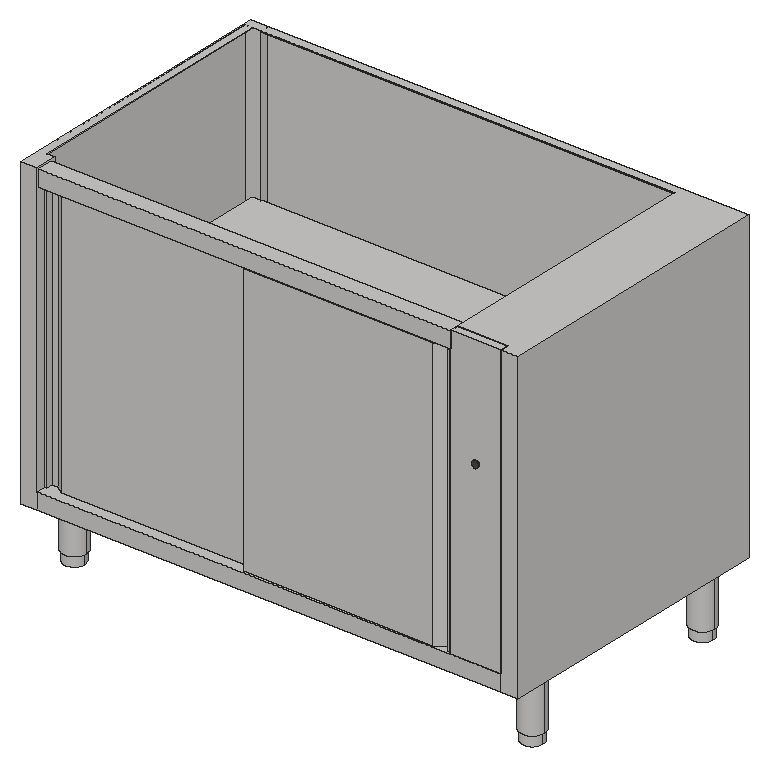
Revit family "QF_ELECTROLUXPROFESSIONAL_133189_RHC1200SD", category Specialty Equipment, Revit 2018
Family settings
  Round Connector Dimension = Use Diameter
  Part Type = Normal
  Work Plane-Based = No
  Always vertical = Yes
  Cut with Voids When Loaded = No
  Shared = No
  Room Calculation Point = No
Parameters
  Weight = 0.00 kg
  Watts = 0 W
  Volts = 220 V
  URL Manufacturer = "http://professional.electrolux.com/"
  URL = "http://professional.electrolux.com/"
  Steam Supply Size = 0 mm
  Steam Supply Minimum Pressure = 0.0 Pa
  Steam Supply Maximum Pressure = 0.0 Pa
  Steam Pounds per Hour = 0
  Show Clearance [instance] = yes
  Refrigeration Suction Line Size = 0 mm
  Refrigeration Liquid Line Size = 0 mm
  Refrigerant Compressor Remote = yes
  Manufacturer = "Electrolux"
  Phase = 0
  Model = "RHC1200SD"
  Length Actual = 1200 mm  # constant formula
  Item Number = "133189"
  Hot Water Size = 0 mm
  Height Actual = 882 mm  # constant formula
  HP = "3.2 HP"
  Gas Size = 0 mm
  Gas KW = 0
  Gas Input Pressure = 0 W
  Direct Waste Size = 0 mm
  Description = "HOT CUPBOARD-NO TOP SLID.DOOR 1200MM"
  Depth Actual = 700 mm  # constant formula
  Cycle = 0 Hz
  Condensate Return Size = 0 mm
  Compressed Air Volume = 0.0 L/s
  Compressed Air Size = 0 mm
  Compressed Air Pressure = 0.0 Pa
  Cold Water Size = 0 mm
  Accessory = yes
Reference planes
  plane 1 "Center (Front/Back)": y = 0
  plane 2: z = 0
  plane 3 "Center (Left/Right)": x = 0
  plane 4: y = 344.5
  plane 5 "Left": x = -594.5
  plane 6 "Right": x = 594.5
  plane 7: y = -344.5
  plane 8: z = 150
  plane 9: z = 883
  plane 10: x = -547.5
  plane 11: x = 547.5
  plane 12: y = 266.5
  plane 13: y = -241.9
Forms (mm)
  Extrusion 1, solid, material "QF_Finishes_Stainless Steel"
    sketch origin (0, 0, 0) x (1, 0, 0) y (0, 1, 0)
      loop
        line (-594.5, 344.5) -> (-594.5, -344.5) -> (-554.5, -344.5) -> (554.5, -344.5) -> (594.5, -344.5) -> (594.5, 344.5) -> (-594.5, 344.5)
    from 150 to 190
  Sweep 2, solid, material "QF_Finishes_Stainless Steel"
    path in 3D
      loop
        line (-594.5, -291.5, 150) -> (-594.5, 324.5, 150)
    profile origin (-594.5, 16.5, 150) x (1, 0, 0) y (0, 0, -1)
      loop
        line (0, -40) -> (0, -733) -> (20, -733) -> (20, -731.5) -> (1.5, -731.5) -> (1.5, -40) -> (0, -40)
  Extrusion 3, solid, material "QF_Finishes_Stainless Steel"
    sketch origin (0, 0, 0) x (1, 0, 0) y (0, 1, 0)
      loop
        line (-594.5, 344.5) -> (-594.5, 324.5) -> (-554.5, 324.5) -> (-554.5, 344.5) -> (-594.5, 344.5)
      loop
        line (-594.5, -344.5) -> (-554.5, -344.5) -> (-554.5, -291.5) -> (-594.5, -291.5) -> (-594.5, -344.5)
      loop
        line (594.5, -344.5) -> (594.5, 344.5) -> (434.5, 344.5) -> (434.5, -324.5) -> (554.5, -324.5) -> (554.5, -344.5) -> (594.5, -344.5)
    from 190 to 883
  Extrusion 4, solid, material "QF_Finishes_Stainless Steel"
    sketch origin (0, 0, 0) x (1, 0, 0) y (0, 1, 0)
      loop
        line (-554.5, -304.5) -> (-554.5, -343.5) -> (434.5, -343.5) -> (434.5, -304.5) -> (-554.5, -304.5)
    from 843 to 881.5
  Extrusion 5, solid, material "QF_Finishes_Stainless Steel"
    sketch origin (0, 0, 0) x (1, 0, 0) y (0, 1, 0)
      loop
        line (-574.5, 324.5) -> (-574.5, -291.5) -> (574.5, -291.5) -> (574.5, 324.5) -> (-574.5, 324.5)
    from 480 to 520.003
  Sweep 6, solid, material "QF_Finishes_Stainless Steel"
    path in 3D
      loop
        line (434.5, 344.5, 150) -> (-554.5, 344.5, 150)
    profile origin (-60, 344.5, 150) x (0, 1, 0) y (0, 0, -1)
      loop
        line (0, -40) -> (-1.5, -40) -> (-1.5, -731.5) -> (-20, -731.5) -> (-20, -733) -> (0, -733) -> (0, -40)
Cuts and joins
  joined: Extrusion 1, Sweep 2, Extrusion 3, Extrusion 4, Extrusion 5, Sweep 6
Lines and regions (mm)
  sketch lines
    curve 1: line (-594.5, -291.5, 150) -> (-594.5, 324.5, 150)
    curve 2: line (434.5, 344.5, 150) -> (-554.5, 344.5, 150)
  symbolic lines
    curve 3: line (-594.5, 344.5, 0) -> (594.5, 344.5, 0)
    curve 4: line (-594.5, -344.5, 0) -> (-594.5, 344.5, 0)
    curve 5: line (594.5, -344.5, 0) -> (-594.5, -344.5, 0)
    curve 6: line (594.5, 344.5, 0) -> (594.5, -344.5, 0)
    curve 7: line (-594.5, -311.5, 0) -> (-60, -311.5, 0)
    curve 8: line (-60, -311.5, 0) -> (-60, -331.5, 0)
    curve 9: line (-60, -331.5, 0) -> (434.5, -331.5, 0)
    curve 10: line (434.5, -331.5, 0) -> (434.5, -344.5, 0)
Dimensions and locks
  equal spacing: plane 5 "Left", plane 3 "Center (Left/Right)", plane 6 "Right"
  equal spacing: plane 4, plane 1 "Center (Front/Back)", plane 7
  plane 9 to plane 8 to level = 733 mm, 150 mm locked
  plane 3 "Center (Left/Right)" to plane 6 "Right" = 594.5 mm
  plane 7 to plane 1 "Center (Front/Back)" = 344.5 mm
  plane 9 to level = 883 mm
  locked: plane 10 to plane 5 "Left" at 47
  locked: plane 6 "Right" to plane 11 at 47
  plane 4 to plane 12 = 78 mm
  locked: plane 13 to plane 7 at 102.6
  aligned and locked: level to plane 2
  aligned and locked: Extrusion 1 to plane 8
  aligned and locked: plane 4 to Extrusion 1
  aligned and locked: Extrusion 1 to plane 5 "Left"
  aligned and locked: plane 6 "Right" to Extrusion 1
  aligned and locked: Extrusion 1 to plane 7
  aligned and locked: plane 11 to nested 3
  aligned and locked: plane 11 to nested 2
  aligned and locked: plane 10 to nested 1
  aligned and locked: plane 10 to nested 4
  aligned and locked: plane 12 to nested 1
  aligned and locked: plane 13 to nested 3
  aligned and locked: plane 13 to nested 4
  aligned and locked: plane 12 to nested 2
Automatic sketch dimensions
  Sweep 2 sketch curve to profile plane = 40 mm
  Sweep 2 sketch curve to profile plane = 731.5 mm
  Sweep 2 sketch curve to Sweep 2 sketch curve = 1.5 mm
  Sweep 2 sketch curve to profile plane = 1.5 mm
  Sweep 2 sketch curve to Sweep 2 sketch curve = 18.5 mm
  profile plane to Sweep 2 sketch curve = 0 mm
  Extrusion 1 sketch curve to plane 5 "Left" = 0 mm
  Extrusion 1 sketch curve to plane 7 = 0 mm  (x3)
  Extrusion 1 sketch curve to plane 6 "Right" = 0 mm
  Extrusion 1 sketch curve to plane 4 = 0 mm
  Extrusion 1 sketch curve to plane 10 = 7 mm
  Extrusion 1 sketch curve to Extrusion 1 sketch curve = 0 mm  (x2)
  plane 11 to Extrusion 1 sketch curve = 7 mm
  plane 7 to Extrusion 4 sketch curve = 1 mm
  Extrusion 4 sketch curve to plane 10 = 7 mm
  Extrusion 4 sketch curve to plane 11 = 113 mm
  Extrusion 4 sketch curve to Extrusion 4 sketch curve = 39 mm
  plane 5 "Left" to Extrusion 5 sketch curve = 20 mm
  Extrusion 5 sketch curve to plane 6 "Right" = 20 mm
  plane 7 to Extrusion 5 sketch curve = 53 mm
  Extrusion 5 sketch curve to plane 4 = 20 mm
  Sweep 6 sketch curve to profile plane = 0 mm
  profile plane to Sweep 6 sketch curve = 1.5 mm
  Sweep 6 sketch curve to Sweep 6 sketch curve = 18.5 mm
  Sweep 6 sketch curve to profile plane = 733 mm
  Sweep 6 sketch curve to Sweep 6 sketch curve = 1.5 mm
  Sweep 6 sketch curve to profile plane = 40 mm
  Extrusion 3 sketch curve to plane 4 = 0 mm  (x2)
  Extrusion 3 sketch curve to plane 5 "Left" = 0 mm  (x2)
  Extrusion 3 sketch curve to plane 7 = 0 mm  (x2)
  Extrusion 3 sketch curve to plane 6 "Right" = 0 mm
  Extrusion 3 sketch curve to plane 10 = 7 mm  (x2)
  plane 7 to Extrusion 3 sketch curve = 20 mm
  Extrusion 3 sketch curve to plane 11 = 113 mm
  plane 11 to Extrusion 3 sketch curve = 7 mm
  plane 13 to Extrusion 3 sketch curve = 49.6 mm
  Extrusion 3 sketch curve to plane 4 = 20 mm
  curve 3 to plane 4 = 0 mm
  curve 3 to plane 5 "Left" = 0 mm
  curve 10 to plane 7 = 0 mm
  curve 6 to plane 6 "Right" = 0 mm
  plane 7 to curve 8 = 13 mm
  curve 8 to plane 3 "Center (Left/Right)" = 60 mm
  curve 8 to curve 8 = 20 mm
  curve 10 to plane 11 = 113 mm
Nested families
  nested 1: "Foot_Ø50_H150" at (-547.5, 266.5, 0), type "Foot_Ø50_H150"
  nested 2: "Foot_Ø50_H150" at (547.5, 266.5, 0), type "Foot_Ø50_H150"
  nested 3: "Foot_Ø50_H150" at (547.5, -241.9, 0), type "Foot_Ø50_H150"
  nested 4: "Foot_Ø50_H150" at (-547.5, -241.9, 0), type "Foot_Ø50_H150"
  nested 5: "Comand Panel" at (494.5, -324.5, 536.5) x (1, 0, 0) z (0, -1, 0), type "Comand Panel"
    with Show Clearance yes, L 120 mm, H 693 mm
  nested 6: "Sun" at (594.5, -344.5, 0), type "Sun"
  nested 7: "Sliding Door" at (-60, -304.5, 516.5) x (-1, 0, 0) z (0, -1, 0), type "Sliding Door"
    with L 983 mm, H 647 mm
Definition of nested family "Foot_Ø50_H150"
  Reference planes
    plane 1 "Centro (Fronte/Retro)": y = 0
    plane 2: z = 0
    plane 3 "Centro (Sinistra/Destra)": x = 0
    plane 4: z = 150
  Forms (mm)
    Revolve 1, solid
      sketch origin (255.05, 0, 608.09) x (0, 0, 1) y (-1, 0, 0)
        loop
          line (-608.09, 255.05) -> (-608.09, 230.05) -> (-583.09, 230.05) -> (-583.09, 226.05) -> (-458.09, 226.05) -> (-458.09, 255.05) -> (-608.09, 255.05)
        axis (-608.09, 255.05) -> (-458.09, 255.05)
      angle from 0 to 360
  Dimensions and locks
    locked: Revolve 1 sketch curve to Revolve 1 sketch curve at 125
    aligned and locked: level to plane 2
    aligned and locked: plane 4 to Revolve 1 sketch curve
    aligned and locked: Revolve 1 sketch curve to level
    aligned and locked: plane 3 "Centro (Sinistra/Destra)" to Revolve 1 sketch curve
Definition of nested family "Comand Panel"
  Parameters
    Show Clearance [instance] = yes
    L [instance] = 120 mm
    H [instance] = 650 mm
    Default Elevation = 1219.2 mm
  Reference planes
    plane 1 "Centro (Fronte/Retro)": y = 0
    plane 2: z = 0
    plane 3 "Centro (Sinistra/Destra)": x = 0
    plane 4: x = 60
    plane 5: y = 325
    plane 6: y = -325
    plane 7 "1": z = 20
    plane 8: x = -60
    plane 9: y = 242.5
    plane 10: y = 247.5
  Forms (mm)
    Extrusion 1, solid
      sketch origin (0, 0, 0) x (1, 0, 0) y (0, 1, 0)
        loop
          line (-1219.2, 1219.2) -> (-1219.2, -1219.2) -> (1219.2, -1219.2) -> (1219.2, 1219.2) -> (-1219.2, 1219.2)
      from 0 to -304.8
    Extrusion 2, solid
      sketch origin (500, 0, 20) x (-1, 0, 0) y (0, -1, 0)
        loop
          line (560, -325) -> (560, -242.5) -> (560, 325) -> (440, 325) -> (440, -242.5) -> (440, -325) -> (560, -325)
      from -20 to 0
    Extrusion 3, solid
      sketch origin (0.625, 75, 0) x (1, 0, 0) y (0, 1, 0)
        loop
          circle (-0.504, 5.972) r 8
      from 20 to 22.04
  Lines and regions (mm)
    Split face 1
      outline origin (500, -27.5, 20) x (-1, 0, 0) y (0, -1, 0)
        loop
          arc (540, -165.73) -> (543.536, -164.265) -> (545, -160.73) r 5
          line (545, -160.73) -> (545, -135.73)
          arc (545, -135.73) -> (543.536, -132.194) -> (540, -130.73) r 5
          line (540, -130.73) -> (460, -130.73)
          arc (460, -130.73) -> (456.464, -132.194) -> (455, -135.73) r 5
          line (455, -135.73) -> (455, -160.73)
          arc (455, -160.73) -> (456.464, -164.265) -> (460, -165.73) r 5
          line (460, -165.73) -> (540, -165.73)
    Split face 2
      outline origin (500, 0, 20) x (-1, 0, 0) y (0, -1, 0)
        loop
          line (512.239, -93.169) -> (512.239, -68.169) -> (487.239, -68.169) -> (487.239, -93.169) -> (512.239, -93.169)
    Split face 3
      outline origin (500, -7.5, 20) x (-1, 0, 0) y (0, -1, 0)
        loop
          line (552, -237.81) -> (552, -227.81) -> (448, -227.81) -> (448, -237.81) -> (552, -237.81)
    Split face 4
      outline origin (500, -19.954, 20) x (-1, 0, 0) y (0, -1, 0)
        loop
          line (552, -237.81) -> (552, -227.81) -> (448, -227.81) -> (448, -237.81) -> (552, -237.81)
    Split face 5
      outline origin (500, -32.408, 20) x (-1, 0, 0) y (0, -1, 0)
        loop
          line (552, -237.81) -> (552, -227.81) -> (448, -227.81) -> (448, -237.81) -> (552, -237.81)
    Split face 6
      outline origin (500, -44.862, 20) x (-1, 0, 0) y (0, -1, 0)
        loop
          line (552, -237.81) -> (552, -227.81) -> (448, -227.81) -> (448, -237.81) -> (552, -237.81)
    Split face 7
      outline origin (500, -57.316, 20) x (-1, 0, 0) y (0, -1, 0)
        loop
          line (552, -237.81) -> (552, -227.81) -> (448, -227.81) -> (448, -237.81) -> (552, -237.81)
    Split face 8
      outline origin (500, -69.77, 20) x (-1, 0, 0) y (0, -1, 0)
        loop
          line (552, -237.81) -> (552, -227.81) -> (448, -227.81) -> (448, -237.81) -> (552, -237.81)
    Split face 9
      outline origin (500, -192.5, 20) x (-1, 0, 0) y (0, -1, 0)
        loop
          line (552, -237.81) -> (552, -227.81) -> (448, -227.81) -> (448, -237.81) -> (552, -237.81)
    Split face 10
      outline origin (500, -204.954, 20) x (-1, 0, 0) y (0, -1, 0)
        loop
          line (552, -87.81) -> (552, -77.81) -> (448, -77.81) -> (448, -87.81) -> (552, -87.81)
    Split face 11
      outline origin (500, -217.408, 20) x (-1, 0, 0) y (0, -1, 0)
        loop
          line (552, -87.81) -> (552, -77.81) -> (448, -77.81) -> (448, -87.81) -> (552, -87.81)
    Split face 12
      outline origin (500, -229.862, 20) x (-1, 0, 0) y (0, -1, 0)
        loop
          line (552, -87.81) -> (552, -77.81) -> (448, -77.81) -> (448, -87.81) -> (552, -87.81)
    Split face 13
      outline origin (500, -242.316, 20) x (-1, 0, 0) y (0, -1, 0)
        loop
          line (552, -87.81) -> (552, -77.81) -> (448, -77.81) -> (448, -87.81) -> (552, -87.81)
    Split face 14
      outline origin (500, -254.77, 20) x (-1, 0, 0) y (0, -1, 0)
        loop
          line (552, -87.81) -> (552, -77.81) -> (448, -77.81) -> (448, -87.81) -> (552, -87.81)
    Split face 15
      outline origin (500, -267.224, 20) x (-1, 0, 0) y (0, -1, 0)
        loop
          line (552, -87.81) -> (552, -77.81) -> (448, -77.81) -> (448, -87.81) -> (552, -87.81)
    Split face 16
      outline origin (500, -279.678, 20) x (-1, 0, 0) y (0, -1, 0)
        loop
          line (552, -87.81) -> (552, -77.81) -> (448, -77.81) -> (448, -87.81) -> (552, -87.81)
    Split face 17
      outline origin (500, -292.132, 20) x (-1, 0, 0) y (0, -1, 0)
        loop
          line (552, -87.81) -> (552, -77.81) -> (448, -77.81) -> (448, -87.81) -> (552, -87.81)
    Split face 18
      outline origin (500, -304.586, 20) x (-1, 0, 0) y (0, -1, 0)
        loop
          line (552, -87.81) -> (552, -77.81) -> (448, -77.81) -> (448, -87.81) -> (552, -87.81)
    Split face 19
      outline origin (500, -317.04, 20) x (-1, 0, 0) y (0, -1, 0)
        loop
          line (552, -87.81) -> (552, -77.81) -> (448, -77.81) -> (448, -87.81) -> (552, -87.81)
    Split face 20
      outline origin (500, -329.494, 20) x (-1, 0, 0) y (0, -1, 0)
        loop
          line (552, -87.81) -> (552, -77.81) -> (448, -77.81) -> (448, -87.81) -> (552, -87.81)
    Split face 21
      outline origin (500, -341.948, 20) x (-1, 0, 0) y (0, -1, 0)
        loop
          line (552, -87.81) -> (552, -77.81) -> (448, -77.81) -> (448, -87.81) -> (552, -87.81)
    Split face 22
      outline origin (500, -354.402, 20) x (-1, 0, 0) y (0, -1, 0)
        loop
          line (552, -87.81) -> (552, -77.81) -> (448, -77.81) -> (448, -87.81) -> (552, -87.81)
    Split face 23
      outline origin (500, -366.856, 20) x (-1, 0, 0) y (0, -1, 0)
        loop
          line (552, -87.81) -> (552, -77.81) -> (448, -77.81) -> (448, -87.81) -> (552, -87.81)
    Split face 24
      outline origin (500, -379.31, 20) x (-1, 0, 0) y (0, -1, 0)
        loop
          line (552, -87.81) -> (552, -77.81) -> (448, -77.81) -> (448, -87.81) -> (552, -87.81)
    Split face 25
      outline origin (500, -54.954, 20) x (-1, 0, 0) y (0, -1, 0)
        loop
          line (552, -87.81) -> (552, -77.81) -> (448, -77.81) -> (448, -87.81) -> (552, -87.81)
    Split face 26
      outline origin (500, -67.408, 20) x (-1, 0, 0) y (0, -1, 0)
        loop
          line (552, -87.81) -> (552, -77.81) -> (448, -77.81) -> (448, -87.81) -> (552, -87.81)
    Split face 27
      outline origin (500, -79.862, 20) x (-1, 0, 0) y (0, -1, 0)
        loop
          line (552, -87.81) -> (552, -77.81) -> (448, -77.81) -> (448, -87.81) -> (552, -87.81)
    Split face 28
      outline origin (500, -92.316, 20) x (-1, 0, 0) y (0, -1, 0)
        loop
          line (552, -87.81) -> (552, -77.81) -> (448, -77.81) -> (448, -87.81) -> (552, -87.81)
    Split face 29
      outline origin (500, -104.77, 20) x (-1, 0, 0) y (0, -1, 0)
        loop
          line (552, -87.81) -> (552, -77.81) -> (448, -77.81) -> (448, -87.81) -> (552, -87.81)
    Split face 30
      outline origin (500, -117.224, 20) x (-1, 0, 0) y (0, -1, 0)
        loop
          line (552, -87.81) -> (552, -77.81) -> (448, -77.81) -> (448, -87.81) -> (552, -87.81)
    Split face 31
      outline origin (500, -129.678, 20) x (-1, 0, 0) y (0, -1, 0)
        loop
          line (552, -87.81) -> (552, -77.81) -> (448, -77.81) -> (448, -87.81) -> (552, -87.81)
    Split face 32
      outline origin (500, -142.132, 20) x (-1, 0, 0) y (0, -1, 0)
        loop
          line (552, -87.81) -> (552, -77.81) -> (448, -77.81) -> (448, -87.81) -> (552, -87.81)
    Split face 33
      outline origin (500, -154.586, 20) x (-1, 0, 0) y (0, -1, 0)
        loop
          line (552, -87.81) -> (552, -77.81) -> (448, -77.81) -> (448, -87.81) -> (552, -87.81)
    Split face 34
      outline origin (500, -167.04, 20) x (-1, 0, 0) y (0, -1, 0)
        loop
          line (552, -87.81) -> (552, -77.81) -> (448, -77.81) -> (448, -87.81) -> (552, -87.81)
    Split face 35
      outline origin (500, -179.494, 20) x (-1, 0, 0) y (0, -1, 0)
        loop
          line (552, -87.81) -> (552, -77.81) -> (448, -77.81) -> (448, -87.81) -> (552, -87.81)
    Split face 36
      outline origin (500, -191.948, 20) x (-1, 0, 0) y (0, -1, 0)
        loop
          line (552, -87.81) -> (552, -77.81) -> (448, -77.81) -> (448, -87.81) -> (552, -87.81)
  Dimensions and locks
    equal spacing: plane 5, plane 1 "Centro (Fronte/Retro)", plane 6
    "H": plane 5 to plane 6
    level to plane 7 "1" = 20 mm
    equal spacing: plane 8, plane 3 "Centro (Sinistra/Destra)", plane 4
    "L": plane 8 to plane 4
    locked: plane 10 to plane 9 at 5
    locked: plane 5 to plane 10 at 77.5
    aligned and locked: plane 2 to Extrusion 1
    aligned and locked: level to Extrusion 1
    aligned and locked: Extrusion 2 sketch curve to plane 5
    aligned and locked: Extrusion 2 sketch curve to plane 8  (x2)
    aligned and locked: Extrusion 2 sketch curve to plane 4  (x2)
    aligned and locked: plane 6 to Extrusion 2 sketch curve
    aligned and locked: Extrusion 2 to level
    aligned and locked: plane 7 "1" to Extrusion 2
    aligned and locked: Extrusion 3 to plane 7 "1"
  Automatic sketch dimensions
    Extrusion 1 sketch curve to Extrusion 1 sketch curve = 2438.4 mm  (x2)
    Split face 1 sketch curve to Split face 1 sketch curve = 5 mm  (x3)
    Split face 1 sketch curve to Split face 1 sketch curve = 25 mm
    Split face 2 sketch curve to Split face 2 sketch curve = 25 mm  (x2)
    Split face 3 sketch curve to Split face 3 sketch curve = 10 mm
    Split face 4 sketch curve to Split face 4 sketch curve = 10 mm
    Split face 5 sketch curve to Split face 5 sketch curve = 10 mm
    Split face 6 sketch curve to Split face 6 sketch curve = 10 mm
    Split face 7 sketch curve to Split face 7 sketch curve = 10 mm
    Split face 8 sketch curve to Split face 8 sketch curve = 10 mm
    Split face 9 sketch curve to Split face 9 sketch curve = 10 mm
    Split face 10 sketch curve to Split face 10 sketch curve = 10 mm
    Split face 11 sketch curve to Split face 11 sketch curve = 10 mm
    Split face 12 sketch curve to Split face 12 sketch curve = 10 mm
    Split face 13 sketch curve to Split face 13 sketch curve = 10 mm
    Split face 14 sketch curve to Split face 14 sketch curve = 10 mm
    Split face 15 sketch curve to Split face 15 sketch curve = 10 mm
    Split face 16 sketch curve to Split face 16 sketch curve = 10 mm
    Split face 17 sketch curve to Split face 17 sketch curve = 10 mm
    Split face 18 sketch curve to Split face 18 sketch curve = 10 mm
    Split face 19 sketch curve to Split face 19 sketch curve = 10 mm
    Split face 20 sketch curve to Split face 20 sketch curve = 10 mm
    Split face 21 sketch curve to Split face 21 sketch curve = 10 mm
    Split face 22 sketch curve to Split face 22 sketch curve = 10 mm
    Split face 23 sketch curve to Split face 23 sketch curve = 10 mm
    Split face 24 sketch curve to Split face 24 sketch curve = 10 mm
    plane 3 "Centro (Sinistra/Destra)" to Extrusion 3 sketch curve = 0.121 mm
    Extrusion 3 sketch curve to plane 1 "Centro (Fronte/Retro)" = 80.972 mm
    Split face 25 sketch curve to Split face 25 sketch curve = 10 mm
    Split face 26 sketch curve to Split face 26 sketch curve = 10 mm
    Split face 27 sketch curve to Split face 27 sketch curve = 10 mm
    Split face 28 sketch curve to Split face 28 sketch curve = 10 mm
    Split face 29 sketch curve to Split face 29 sketch curve = 10 mm
    Split face 30 sketch curve to Split face 30 sketch curve = 10 mm
    Split face 31 sketch curve to Split face 31 sketch curve = 10 mm
    Split face 32 sketch curve to Split face 32 sketch curve = 10 mm
    Split face 33 sketch curve to Split face 33 sketch curve = 10 mm
    Split face 34 sketch curve to Split face 34 sketch curve = 10 mm
    Split face 35 sketch curve to Split face 35 sketch curve = 10 mm
    Split face 36 sketch curve to Split face 36 sketch curve = 10 mm
    Split face 1 sketch curve to Split face 1 sketch curve = 80 mm
    Split face 1 sketch curve to Split face 1 sketch curve = 0 mm
    Split face 3 sketch curve to Split face 3 sketch curve = 104 mm
    Split face 4 sketch curve to Split face 4 sketch curve = 104 mm
    Split face 5 sketch curve to Split face 5 sketch curve = 104 mm
    Split face 6 sketch curve to Split face 6 sketch curve = 104 mm
    Split face 7 sketch curve to Split face 7 sketch curve = 104 mm
    Split face 8 sketch curve to Split face 8 sketch curve = 104 mm
    Split face 9 sketch curve to Split face 9 sketch curve = 104 mm
    Split face 10 sketch curve to Split face 10 sketch curve = 104 mm
    Split face 11 sketch curve to Split face 11 sketch curve = 104 mm
    Split face 12 sketch curve to Split face 12 sketch curve = 104 mm
    Split face 13 sketch curve to Split face 13 sketch curve = 104 mm
    Split face 14 sketch curve to Split face 14 sketch curve = 104 mm
    Split face 15 sketch curve to Split face 15 sketch curve = 104 mm
    Split face 16 sketch curve to Split face 16 sketch curve = 104 mm
    Split face 17 sketch curve to Split face 17 sketch curve = 104 mm
    Split face 18 sketch curve to Split face 18 sketch curve = 104 mm
    Split face 19 sketch curve to Split face 19 sketch curve = 104 mm
    Split face 20 sketch curve to Split face 20 sketch curve = 104 mm
    Split face 21 sketch curve to Split face 21 sketch curve = 104 mm
    Split face 22 sketch curve to Split face 22 sketch curve = 104 mm
    Split face 23 sketch curve to Split face 23 sketch curve = 104 mm
    Split face 24 sketch curve to Split face 24 sketch curve = 104 mm
    Split face 25 sketch curve to Split face 25 sketch curve = 104 mm
    Split face 26 sketch curve to Split face 26 sketch curve = 104 mm
    Split face 27 sketch curve to Split face 27 sketch curve = 104 mm
    Split face 28 sketch curve to Split face 28 sketch curve = 104 mm
    Split face 29 sketch curve to Split face 29 sketch curve = 104 mm
    Split face 30 sketch curve to Split face 30 sketch curve = 104 mm
    Split face 31 sketch curve to Split face 31 sketch curve = 104 mm
    Split face 32 sketch curve to Split face 32 sketch curve = 104 mm
    Split face 33 sketch curve to Split face 33 sketch curve = 104 mm
    Split face 34 sketch curve to Split face 34 sketch curve = 104 mm
    Split face 35 sketch curve to Split face 35 sketch curve = 104 mm
    Split face 36 sketch curve to Split face 36 sketch curve = 104 mm
    Extrusion 2 sketch curve to plane 9 = 0 mm  (x2)
    radius of Extrusion 3 sketch curve = 8 mm
Definition of nested family "Sliding Door"
  Parameters
    L [instance] = 468 mm
    H [instance] = 560 mm
    Default Elevation = 1219.2 mm
  Reference planes
    plane 1 "Centro (Fronte/Retro)": y = 0
    plane 2: z = 0
    plane 3 "Centro (Sinistra/Destra)": x = 0
    plane 4: y = 280
    plane 5: y = -280
    plane 6: x = 234
    plane 7: x = -234
  Forms (mm)
    Extrusion 1, solid
      sketch origin (0, 0, 0) x (1, 0, 0) y (0, 1, 0)
        loop
          line (-1219.2, 1219.2) -> (-1219.2, -1219.2) -> (1219.2, -1219.2) -> (1219.2, 1219.2) -> (-1219.2, 1219.2)
      from 0 to -304.8
    Extrusion 2, solid
      sketch origin (-234, 0, 20) x (-1, 0, 0) y (0, 0, -1)
        loop
          line (-234, 0) -> (-234, -20) -> (-39.641, -20) -> (-19.162, -5.661) -> (-5, -5.661) -> (-5, -20) -> (0, -20) -> (0, 0) -> (-234, 0)
      from -280 to 280
    Extrusion 3, solid
      sketch origin (234, 0, 0) x (1, 0, 0) y (0, 0, 1)
        loop
          line (-234, 0) -> (0, 0) -> (0, 20) -> (-5, 20) -> (-5, 5.661) -> (-19.162, 5.661) -> (-39.641, 20) -> (-234, 20) -> (-234, 0)
      from -280 to 280
  Dimensions and locks
    equal spacing: plane 4, plane 1 "Centro (Fronte/Retro)", plane 5
    "H": plane 4 to plane 5
    "L": plane 6 to plane 7
    locked: Extrusion 2 sketch curve to Extrusion 2 sketch curve at 5
    locked: Extrusion 2 sketch curve to Extrusion 2 sketch curve at 14.162
    locked: Extrusion 2 sketch curve to Extrusion 2 sketch curve at 39.641
    locked: Extrusion 3 sketch curve to Extrusion 3 sketch curve at 5
    locked: Extrusion 3 sketch curve to Extrusion 3 sketch curve at 14.162
    locked: Extrusion 3 sketch curve to Extrusion 3 sketch curve at 39.641
    equal spacing: plane 7, plane 3 "Centro (Sinistra/Destra)", plane 6
    aligned and locked: plane 2 to Extrusion 1
    aligned and locked: level to Extrusion 1
    aligned and locked: plane 4 to Extrusion 2
    aligned and locked: Extrusion 2 to plane 5
    aligned and locked: Extrusion 3 to plane 5
    aligned and locked: plane 4 to Extrusion 3
  Automatic sketch dimensions
    Extrusion 1 sketch curve to Extrusion 1 sketch curve = 2438.4 mm  (x2)
    Extrusion 2 sketch curve to plane 3 "Centro (Sinistra/Destra)" = 0 mm
    plane 7 to Extrusion 2 sketch curve = 0 mm
    Extrusion 2 sketch curve to Extrusion 2 sketch curve = 14.339 mm  (x2)
    Extrusion 3 sketch curve to plane 3 "Centro (Sinistra/Destra)" = 0 mm
    Extrusion 3 sketch curve to plane 6 = 0 mm
    Extrusion 3 sketch curve to Extrusion 3 sketch curve = 14.339 mm
    level to Extrusion 2 sketch curve = 40 mm
    Extrusion 2 sketch curve to Extrusion 2 sketch curve = 20 mm
    Extrusion 3 sketch curve to level = 0 mm
    level to Extrusion 3 sketch curve = 5.661 mm
    level to Extrusion 3 sketch curve = 20 mm
Definition of nested family "Sun"
  Reference planes
    plane 1 "Center (Front/Back)": y = 0
    plane 2: z = 0
    plane 3 "Center (Left/Right)": x = 0
  Lines and regions (mm)
    detail lines, in view "Ref. Level"
      curve 1: spline (-500, 190, 0) -> (-493.185, 166.706, 0) -> (-473.205, 145, 0) -> (-441.421, 126.36, 0) -> (-400, 112.058, 0) -> (-351.764, 103.067, 0) -> (-300, 100, 0) -> (-248.236, 103.067, 0) -> (-200, 112.058, 0) -> (-158.579, 126.36, 0) -> (-126.795, 145, 0) -> (-106.815, 166.706, 0) -> (-100, 190, 0) -> (-106.815, 213.294, 0) -> (-126.795, 235, 0) -> (-158.579, 253.64, 0) -> (-200, 267.942, 0) -> (-248.236, 276.933, 0) -> (-300, 280, 0) -> (-351.764, 276.933, 0) -> (-400, 267.942, 0) -> (-441.421, 253.64, 0) -> (-473.205, 235, 0) -> (-493.185, 213.294, 0) -> (-500, 190, 0)
      curve 2: circle (-300, 190, 0) r 35 normal (0, 0, 1)
      curve 3: line (-318, 221.177, 0) -> (-330, 241.962, 0)
      curve 4: line (-300, 226, 0) -> (-300, 250, 0)
      curve 5: line (-282, 221.177, 0) -> (-270, 241.962, 0)
      curve 6: line (-268.823, 208, 0) -> (-248.038, 220, 0)
      curve 7: line (-264, 190, 0) -> (-240, 190, 0)
      curve 8: line (-268.823, 172, 0) -> (-248.038, 160, 0)
      curve 9: line (-282, 158.823, 0) -> (-270, 138.038, 0)
      curve 10: line (-300, 154, 0) -> (-300, 130, 0)
      curve 11: line (-318, 158.823, 0) -> (-330, 138.038, 0)
      curve 12: line (-331.177, 172, 0) -> (-351.962, 160, 0)
      curve 13: line (-336, 190, 0) -> (-360, 190, 0)
      curve 14: line (-331.177, 208, 0) -> (-351.962, 220, 0)
